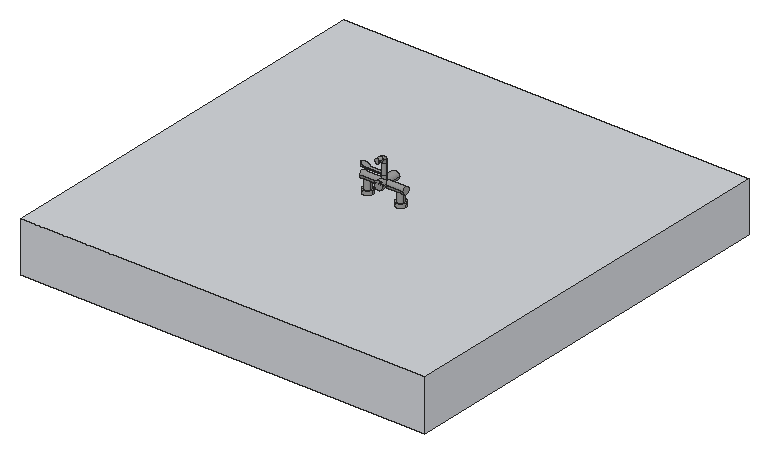
Revit family "ASH_ArmitageShanks_WallHungHandRinseBasins_Contour21-S2154_500mm", category Plumbing Fixtures, host Face, Revit 2012
Parameters (values of type "A6243AA - Markwik 21 Basin Tap Lever operated thermostatic")
  WorkingPressure = "3 Bar"
  WaterEfficientProduct = no
  WarrantyStartDate = "0"
  WarrantyGuarantorParts = Manufacturer  # "Productinfo@thebluebook.co.uk"
  WarrantyDurationUnit = "Year"
  WarrantyDurationParts = "5"
  WarrantyDescription = "Manufacturers Warranty"
  WRAS = yes
  VolumeUnits = "Litres"
  Version = "1"
  ValvePattern = ""
  ValveOperation = ""
  ValveMechanism = ""
  Uniclass2 = ""
  URL = "www.idealspec.co.uk"
  Type Comments = "n/a"
  TestPressure = ""
  TagNumber = "n/a"
  TMV3 = yes
  SustainabilityPerformance = "n/a"
  SpareParts = "www.fastpart-spares.co.uk"
  Space = "Internal"
  Size = "225mm x 261mm x 134mm"
  SideMountedSensor = no
  UnderMountedSensor = no
  Shape = "Cylindrical"
  SerialNumber = "n/a"
  Sensor Eye = Sensor Eye
  ReplacementCost = "n/a"
  ProductInformation = "www.idealspec.co.uk/assets/datasheet/A6243AA"
  ProductDataSheet = "www.idealspec.co.uk/assets/datasheet/A6243AA"
  Phone = "01543 490 253"
  NominalWidth = 261 mm
  NominalLength = 225 mm
  NominalHeight = 134 mm
  NettWeight = "4 kg"
  Name = "ASH_ArmitageShanks_MixerTaps_Markwik21-AllVariants_WallMountedThermoMixer"
  NBSTypeID = "n/a"
  NBSReference = ""
  NBSOfficeMasterTag = "n/a"
  NBSNote = "n/a"
  NBSDescription = "Clinical taps"
  NBSCertification = "n/a"
  ModelReference = Model  # "A6243AA"
  ModelNumber = "A6243AA"
  Model = "A6243AA"
  Material = "Brass"
  ManufacturerURL = "www.idealspec.co.uk"
  Manufacturer = "Productinfo@thebluebook.co.uk"
  LinearUnits = "millimeters"
  Lever = yes
  InstallationInstructions = "www.idealspec.co.uk/resources.html"
  InstallationDate = "0"
  Help = "www.idealspec.co.uk/contact-us.html"
  GrossWeight = "n/a"
  Grade = "n/a"
  Finish = Color  # "Chrome"
  Features = "Lever operated thermostat tap"
  ExpectedLife = "30"
  ECA = no
  DurationUnit = "year"
  DistributedBy = "n/a"
  Description = "Markwik 21 Demountable Panel Mixer, Single Sequential Lever, Detachable Spout"
  Default Elevation = 1219.2 mm
  CurrencyUnit = "n/a"
  CreatedOn = "2014-10-01"
  Constituents = "n/a"
  ConnectionType = "Plumbing"
  Color = "Chrome"
  CodePerformance = "n/a"
  Chrome on Brass = Chrome Plated Brass
  Category = "n/a"
  Brand = "Armitage Shanks"
  BarCode = "4015413333450"
  BREEAM Approved = no
  BIMObjectName = "ASH_ArmitageShanks_MixerTaps_Markwik21-AllVariants_WallMountedThermoMixer"
  Author = "Ideal Standard (UK) Ltd"
  AssetType = "Fixed"
  AssetIdentifier = "n/a"
  Assembly Code = "C1030200"
  AreaUnits = "millimeters"
  AreaMeasurement = "n/a"
  Accessories = "www.idealspec.co.uk"
  AccessibilityPerformance = "n/a"
  135ReachSpout = yes
  100ReachSpout(UseWithUpstandBasin) = no
Reference planes
  plane 1 "Center (Front/Back)": y = 0
  plane 2: z = 0
  plane 3 "Center (Left/Right)": x = 0
  plane 4: z = 20
  plane 5: z = 90
  plane 6: x = -130.5
  plane 7: x = 130.5
  plane 8: y = 82
  plane 9: y = -43
  plane 10: z = 225
  plane 11: z = 93
  plane 12: y = -65
  plane 13: y = -130
  plane 14: x = 150.5
  plane 15: x = 215.5
  plane 16: y = 25
  plane 17: x = 215.5
Forms (mm)
  Extrusion 1, solid
    sketch origin (0, 0, 0) x (1, 0, 0) y (0, 1, 0)
      loop
        line (-1219.2, 1219.2) -> (-1219.2, -1219.2) -> (1219.2, -1219.2) -> (1219.2, 1219.2) -> (-1219.2, 1219.2)
    from 0 to -304.8
  Extrusion 2, solid, material "Chrome Plated Brass" <- "Chrome on Brass"
    sketch origin (0, 0, 0) x (1, 0, 0) y (0, 1, 0)
      loop
        circle (-100, 0) r 30
      loop
        circle (100, 0) r 30
    from 0 to 20
  Extrusion 3, solid, material "Chrome Plated Brass" <- "Chrome on Brass"
    sketch origin (-568.278, -4572, 20) x (-1, 0, 0) y (0, -1, 0)
      loop
        circle (-468.278, -4572) r 17.5
      loop
        circle (-668.278, -4572) r 17.5
    from 0 to 70
  Extrusion 4, solid, material "Chrome Plated Brass" <- "Chrome on Brass"
    sketch origin (-130.5, 84.18, 1219.2) x (0, 1, 0) y (0, 0, 1)
      loop
        circle (-84.18, -1129.2) r 20
    from 0 to 261
  Extrusion 5, solid, material "Chrome Plated Brass" <- "Chrome on Brass"
    sketch origin (-239.872, 82, 1219.2) x (-1, 0, 0) y (0, 0, 1)
      loop
        circle (-239.872, -1129.2) r 25
    from 0 to -125
  Extrusion 6, solid, material "Chrome Plated Brass"
    sketch origin (-568.278, -4572, 90) x (-1, 0, 0) y (0, -1, 0)
      loop
        circle (-568.278, -4572) r 13
    from 0 to 45
  Extrusion 7, solid, material "Chrome Plated Brass" <- "Chrome on Brass", visible <- "Lever"
    sketch origin (0, 254.923, 93) x (0, 1, 0) y (-1, 0, 0)
      loop
        arc (-182.923, 145) -> (-164.498, 168.151) -> (-157.923, 197) r 66.58
        arc (-157.923, 197) -> (-160.852, 204.071) -> (-167.923, 207) r 10
        line (-167.923, 207) -> (-172.923, 207)
        arc (-172.923, 207) -> (-194.784, 187.879) -> (-202.923, 160) r 51.817
        line (-202.923, 160) -> (-202.923, 0) -> (-182.923, 0) -> (-182.923, 145)
    from 0 to -6
  Extrusion 8, solid, material "Chrome Plated Brass" <- "Chrome on Brass", visible <- "UnderMountedSensor"
    sketch origin (0, 65, 0) x (1, 0, 0) y (0, 1, 0)
      loop
        circle (0, -195) r 25
      loop
        circle (0, -195) r 8
    from 0 to 5
  Extrusion 9, solid, material "Sensor Eye" <- "Sensor Eye", visible <- "UnderMountedSensor"
    sketch origin (0, 0, 0) x (1, 0, 0) y (0, 1, 0)
      loop
        circle (0, -130) r 8
    from 0 to 2
  Extrusion 10, solid, material "Chrome Plated Brass" <- "Chrome on Brass", visible <- "SideMountedSensor"
    sketch origin (20.5, 0, 0) x (0, -1, 0) y (1, 0, 0)
      loop
        circle (0, 195) r 25
      loop
        circle (0, 195) r 8
    from 0 to 5
  Extrusion 11, solid, material "Sensor Eye" <- "Sensor Eye", visible <- "SideMountedSensor"
    sketch origin (85.5, 0, 0) x (0, -1, 0) y (1, 0, 0)
      loop
        circle (0, 130) r 8
    from 0 to 2
Dimensions and locks
  Extrusion 2 sketch curve to plane 3 "Center (Left/Right)" = 100 mm
  Extrusion 3 sketch curve to plane 3 "Center (Left/Right)" = 100 mm
  "NominalLength": Extrusion 1 to plane 10
  "NominalWidth": plane 6 to plane 7
  Extrusion 8 to plane 1 "Center (Front/Back)" = 130 mm
  plane 7 to plane 17 = 85 mm
  aligned and locked: plane 2 to Extrusion 1
  aligned and locked: level to Extrusion 1
  aligned and locked: plane 3 "Center (Left/Right)" to nested 1
  aligned and locked: plane 1 "Center (Front/Back)" to nested 1
  aligned and locked: nested 1 to Extrusion 6
  aligned and locked: plane 3 "Center (Left/Right)" to nested 2
  aligned and locked: nested 2 to Extrusion 6
  aligned and locked: plane 1 "Center (Front/Back)" to nested 2
  aligned and locked: plane 16 to Extrusion 10
  aligned and locked: plane 17 to Extrusion 10  (x3)
Automatic sketch dimensions
  Extrusion 1 sketch curve to Extrusion 1 sketch curve = 2438.4 mm  (x2)
  plane 1 "Center (Front/Back)" to Extrusion 2 sketch curve = 0 mm  (x2)
  plane 7 to Extrusion 2 sketch curve = 30.5 mm
  plane 1 "Center (Front/Back)" to Extrusion 3 sketch curve = 0 mm  (x2)
  plane 7 to Extrusion 3 sketch curve = 30.5 mm
  Extrusion 4 sketch curve to plane 1 "Center (Front/Back)" = 0 mm
  Extrusion 4 sketch curve to plane 5 = 0 mm
  Extrusion 5 sketch curve to plane 3 "Center (Left/Right)" = 0 mm
  Extrusion 5 sketch curve to plane 5 = 0 mm
  plane 1 "Center (Front/Back)" to Extrusion 6 sketch curve = 0 mm
  Extrusion 6 sketch curve to plane 3 "Center (Left/Right)" = 0 mm
  Extrusion 7 sketch curve to plane 3 "Center (Left/Right)" = 0 mm
  Extrusion 7 sketch curve to plane 8 = 0 mm
  Extrusion 7 sketch curve to plane 8 = 10 mm
  Extrusion 7 sketch curve to Extrusion 7 sketch curve = 20 mm
  Extrusion 7 sketch curve to plane 1 "Center (Front/Back)" = 30.42 mm
  plane 8 to Extrusion 7 sketch curve = 5 mm
  Extrusion 7 sketch curve to Extrusion 7 sketch curve = 10 mm
  Extrusion 7 sketch curve to Extrusion 7 sketch curve = 0 mm
  plane 8 to Extrusion 7 sketch curve = 21.817 mm
  Extrusion 7 sketch curve to plane 6 = 14.5 mm
  Extrusion 8 sketch curve to Extrusion 8 sketch curve = 0 mm  (x3)
  Extrusion 8 sketch curve to plane 3 "Center (Left/Right)" = 0 mm
  Extrusion 9 sketch curve to plane 3 "Center (Left/Right)" = 0 mm
  Extrusion 9 sketch curve to plane 13 = 0 mm
  Extrusion 10 sketch curve to Extrusion 10 sketch curve = 0 mm  (x3)
  Extrusion 10 sketch curve to plane 8 = 82 mm
  Extrusion 11 sketch curve to plane 8 = 82 mm
  Extrusion 10 sketch curve to plane 14 = 65 mm
  Extrusion 11 sketch curve to plane 15 = 0 mm
  Extrusion 8 sketch curve to plane 12 = 65 mm
  radius of Extrusion 2 sketch curve = 30 mm  (x2)
  radius of Extrusion 3 sketch curve = 17.5 mm  (x2)
  radius of Extrusion 4 sketch curve = 20 mm
  radius of Extrusion 5 sketch curve = 25 mm
  radius of Extrusion 6 sketch curve = 13 mm
  radius of Extrusion 8 sketch curve = 25 mm
  radius of Extrusion 8 sketch curve = 8 mm
  radius of Extrusion 9 sketch curve = 8 mm
  radius of Extrusion 10 sketch curve = 25 mm
  radius of Extrusion 10 sketch curve = 8 mm
  radius of Extrusion 11 sketch curve = 8 mm
Nested families
  nested 1: "A6252AA Markwik 100 Reach Spout" at (0, 0, 135), visible <- "100ReachSpout(UseWithUpstandBasin)", type "A6252AA Markwik 100 Reach Spout"
  nested 2: "A6250AA Markwik 135 Reach Spout" at (0, 0, 135), visible <- "135ReachSpout", type "A6250AA Markwik 135 Reach Spout"
Connectors
  piping at (-100, 0, 0)
    settings: on Extrusion 2, index 1, connector radius 0.41339", flow factor 0, pipe flow 0 GPM, pressure drop 0.00 psi, fitting loss kfactor 0, connector angle 0.00°, fixture units 0, engagement length 0 mm, flow configuration 2, flow direction 1, fitting loss method 0, system type 19, joint type 0, gender type 0, connector reference index -1, connector utility 0, adjustable connector no, is connector primary yes, fitting loss table "", connector description ""
  piping at (100, 0, 0)
    settings: on Extrusion 2, index 2, connector radius 0.41339", flow factor 0, pipe flow 0 GPM, pressure drop 0.00 psi, fitting loss kfactor 0, connector angle 0.00°, fixture units 0, engagement length 0 mm, flow configuration 2, flow direction 1, fitting loss method 0, system type 20, joint type 0, gender type 0, connector reference index -1, connector utility 0, adjustable connector no, is connector primary no, fitting loss table "", connector description ""
Definition of nested family "A6252AA Markwik 100 Reach Spout"
  Parameters (values of type "A6252AA Markwik 100 Reach Spout")
    URL = "www.idealspec.co.uk"
    Model = "A6252AA"
    Manufacturer = "Armitage Shanks"
    Description = "Markwik 21, 100mm Reach Spout"
    Default Elevation = 1219.2 mm
  Reference planes
    plane 1 "Center (Front/Back)": y = 0
    plane 2: z = 0
    plane 3 "Center (Left/Right)": x = 0
  Forms (mm)
    Extrusion 1, solid
      sketch origin (0, 0, 0) x (1, 0, 0) y (0, 1, 0)
        loop
          line (-1219.2, 1219.2) -> (-1219.2, -1219.2) -> (1219.2, -1219.2) -> (1219.2, 1219.2) -> (-1219.2, 1219.2)
      from 0 to -304.8
    Sweep 2, solid, material "Chrome Plated Brass", detail levels medium+fine
      path origin (0, 0, 0) x (0, 1, 0) y (0, 0, 1)
        loop
          line (0, 0) -> (0, 40)
          arc (0, 40) -> (-7.322, 57.678) -> (-25, 65) r 25
          line (-25, 65) -> (-52, 65)
      profile origin (0, 0, 20) x (0, -1, 0) y (1, 0, 0)
        loop
          circle (0, 0) r 13
  Dimensions and locks
    aligned and locked: plane 2 to Extrusion 1
    aligned and locked: level to Extrusion 1
Definition of nested family "A6250AA Markwik 135 Reach Spout"
  Parameters (values of type "A6250AA Markwik 135 Reach Spout")
    URL = "www.idealspec.co.uk"
    Model = "A6250AA"
    Manufacturer = "Armitage Shanks"
    Description = "Markwik 21, 135mm Reach Spout"
    Default Elevation = 1219.2 mm
  Reference planes
    plane 1 "Center (Front/Back)": y = 0
    plane 2: z = 0
    plane 3 "Center (Left/Right)": x = 0
  Forms (mm)
    Extrusion 1, solid
      sketch origin (0, 0, 0) x (1, 0, 0) y (0, 1, 0)
        loop
          line (-1219.2, 1219.2) -> (-1219.2, -1219.2) -> (1219.2, -1219.2) -> (1219.2, 1219.2) -> (-1219.2, 1219.2)
      from 0 to -304.8
    Sweep 2, solid, material "Chrome Plated Brass", detail levels medium+fine
      path origin (0, 0, 0) x (0, 1, 0) y (0, 0, 1)
        loop
          line (0, 0) -> (0, 65)
          arc (0, 65) -> (-7.322, 82.678) -> (-25, 90) r 25
          line (-25, 90) -> (-52, 90)
      profile origin (0, 0, 32.5) x (0, -1, 0) y (1, 0, 0)
        loop
          circle (0, 0) r 13
  Dimensions and locks
    aligned and locked: plane 2 to Extrusion 1
    aligned and locked: level to Extrusion 1
